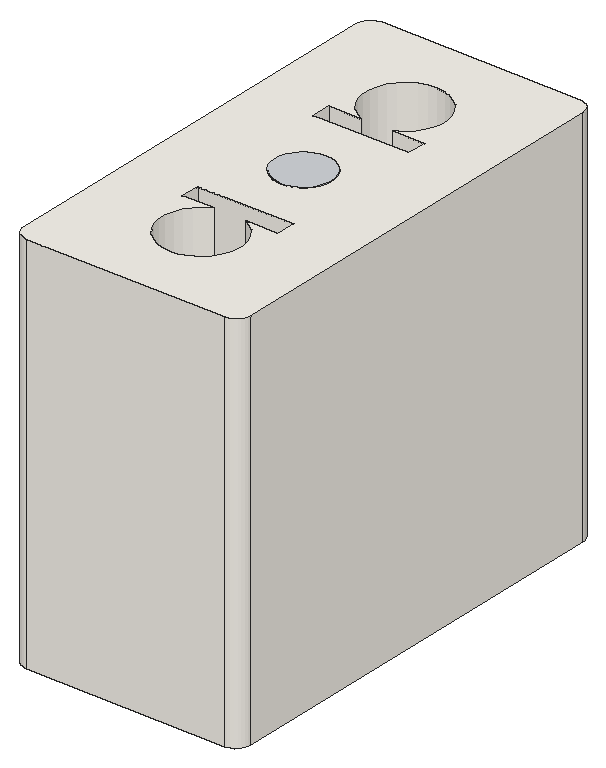
Revit family "Domotics-DomesticRanges-GEWISS-CHORUS_POWER-SOCKET-OUTLET_EURUSA", category Apparecchi elettrici, host Superficie, Revit 2016
Family settings
  Host = Superficie
  Mantenere orientamento annotazione = Sì
  Tipo di parte = Normale
  Quota connettore circolare = Usa diametro
  Taglio con vuoti quando caricato = Sì
  Condiviso = Sì
  Punto di calcolo locali = Sì
Parameters (values of type "GW14288 - Socket outlet 1M 2P+E 15A usa st titanium")
  Wiring terminals = "With screw"
  Voltage: = "250/125V AC"
  Voltage = "250/125V AC"
  Volt = 230 V
  Vista in pianta [instance] = yes
  Version file RFA = "19.0"
  URL = "https://www.gewiss.com/ww/en"
  Tipo = Chorus Prese EuroUsa_GENERICO : GW14288 Presa 2P+T standard Euroamericano titanio
  Thermo-pressure with ball = "125 °C"
  Terminal tightening capacity rigid cables (mm2) = "min. 0,5 - max. 2x2,5"
  Terminal tightening capacity flexible cables (mm2) = "min. 0,75 - max. 2x4"
  Terminal grip on cable traction = "> 50 N"
  Technical sheet = "https://www.gewiss.com/ww/en/search?q=GW14288"
  TXT ELETTRICO = "15"
  Standard; = "IEC 60884-1"
  Standard: = "Euro-American"
  Standard = "USA"
  Simbolo [instance] = yes
  SEO = "Socket outlet"
  Resistance at test voltage = "2000 V at 50 Hz for 1 minute"
  Realized by GEWISS S.p.A. = ""
  Default Elevation = 1219.2 mm
  Prolonged operation (no.of position changes) = "10.000 at In 250 V ac cosØ=0,8"
  Produttore = "GEWISS S.p.A."
  Offset presa [instance] = 0 mm
  Offset bidimensionale [instance] = 2 mm  # constant formula
  No. Chorus modules: = "1"
  No. Chorus modules = "1"
  N. poli = 1
  Modello = "GW14288"
  Insulation resistance = "> 5 MOhm"
  Immagine tipo = GW14288.jpg
  IFC.TypeObject = ""
  IFC.ExportType = ""
  IFC.ExportAs = ""
  IDT = "613f9da3-ec27-4742-84bd-e3589e01972c"
  IDF = "fd8d0965-b28c-4179-a336-df09c3b4294f"
  Glow Wire Test = "850°C"
  For plug pins = "Ø 4 mm Flat"
  Electrocod = "0131"
  EAN code = "8011564439443"
  Distanza_x [instance] = 0 mm
  Distanza_effettiva_x [instance] = 1000 mm - Distanza_x  # 1000 mm
  Descrizione = "SOCKET 1M 2P+E 15A USA ST TITANIUM"
  Description: = "2P+E - 15A"
  Description. = "Socket-outlet"
  Colour = "Titanium"
  Category = "Socket-outlet"
  Catalogue Range = "CHORUS - DOMESTIC RANGE"
  Catalogue = "DOMOTICS"
  Carico apparente = 0 VA
  COBie.Tagnumber = ""
  COBie.CreatedOn = ""
  COBie.CreatebBy = ""
  COBie.ComponentRegisterItemID = ""
  COBie.Component.TagNumber = ""
  COBie.Component.Space = ""
  COBie.Component.SerialNumber = ""
  COBie.Component.InstallationDate = ""
  COBie.Component.Description = ""
  COBie.Component.BarCode = ""
  Breaking capacity: = "1.25 In (100 position changes)"
Types (6, lengths in mm): name | Tipo | Technical sheet | Modello | Immagine tipo | IDT | EAN code | Descrizione | Description: | Colour
  GW10287 - Socket outlet 1M 2P 15A eu/usa white | Chorus Prese EuroUsa_GENERICO : GW10287 Presa 1M 2P 15A standard Euroamericano bianco | "https://www.gewiss.com/ww/en/search?q=GW10287" | "GW10287" | GW10287.jpg | "7e9225fd-ba43-4212-8959-92bff921ff59" | "8011564258266" | "S. OUTLET 1M 2P 15A EU/USA WHITE" | "2P - 15A" | "White"
  GW10288 - Socket outlet 1M 2P+E 15A usa white | Chorus Prese EuroUsa_GENERICO : GW10288 Presa 2P+T 15A standard Euroamericano bianco | "https://www.gewiss.com/ww/en/search?q=GW10288" | "GW10288" | GW10288.jpg | "e6c22be6-dfc3-42d2-afee-5f894e3ffe1a" | "8011564439429" | "S. OUTLET 1M 2P+E 15A USA WHITE" | "2P+E - 15A" | "White"
  GW12287 - Socket outlet 1M 2P 15A eu/usa st black | Chorus Prese EuroUsa_GENERICO : GW12287 Presa 1M 2P 15A standard Euroamericano nero | "https://www.gewiss.com/ww/en/search?q=GW12287" | "GW12287" | GW12287.jpg | "535df181-b7cc-4bee-bd69-c644d7890f08" | "8011564267183" | "SOCKET 1M 2P 15A EU/USA ST BLACK" | "2P - 15A" | "Black"
  GW12288 - Socket outlet 1M 2P+E 15A usa st black | Chorus Prese EuroUsa_GENERICO : GW12288 Presa 2P+T standard Euroamericano nero | "https://www.gewiss.com/ww/en/search?q=GW12288" | "GW12288" | GW12288.jpg | "53dbbc87-5bc3-4bc3-a491-55ac95154db6" | "8011564439436" | "SOCKET 1M 2P+E 15A USA ST BLACK" | "2P+E - 15A" | "Black"
  GW14287 - Socket outlet 1M 2P 15A eu/usa st titanium | Chorus Prese EuroUsa_GENERICO : GW14287 Presa 1M 2P 15A standard Euroamericano titanio | "https://www.gewiss.com/ww/en/search?q=GW14287" | "GW14287" | GW14287.jpg | "94307854-c2e2-4e28-b1b8-9d6981ddc7fa" | "8011564266421" | "SOCKET 1M 2P 15A EU/USA ST TITANIUM" | "2P - 15A" | "Titanium"
  GW14288 - Socket outlet 1M 2P+E 15A usa st titanium | Chorus Prese EuroUsa_GENERICO : GW14288 Presa 2P+T standard Euroamericano titanio | "https://www.gewiss.com/ww/en/search?q=GW14288" | "GW14288" | GW14288.jpg | "613f9da3-ec27-4742-84bd-e3589e01972c" | "8011564439443" | "SOCKET 1M 2P+E 15A USA ST TITANIUM" | "2P+E - 15A" | "Titanium"
Reference planes
  plane 1 "Centro (Fronte/Retro)": y = 0
  plane 2: z = 0
  plane 3 "Centro (Sinistra/Destra)": x = 0
  plane 4: x = -1000
  plane 5: x = 0
  plane 6: z = 0
  plane 7: z = 41
  plane 8: z = 39
Lines and regions (mm)
  Masking region 1, visible <- "Vista in pianta"
    outline origin (0, 0, 0) x (0, 1, 0) y (0, 0, 1)
      loop
        line (22.5, 0) -> (22.5, 39) -> (-22.5, 39) -> (-22.5, 0) -> (22.5, 0)
  Masking region 2, visible <- "Vista in pianta"
    outline origin (0, 0, 0) x (1, 0, 0) y (0, 0, 1)
      loop
        line (11.5, 0) -> (11.5, 39) -> (-11.5, 39) -> (-11.5, 0) -> (11.5, 0)
Dimensions and locks
  plane 4 to plane 3 "Centro (Sinistra/Destra)" = 1000 mm
  "Distanza_effettiva_x": plane 4 to plane 5
  "Offset presa": plane 6 to host face
  locked: plane 8 to plane 6 at 39
  "Offset bidimensionale": plane 7 to plane 8
  aligned and locked: plane 2 to host face
  aligned and locked: level to host face
  aligned and locked: plane 5 to nested 1
  aligned and locked: plane 3 "Centro (Sinistra/Destra)" to nested 2
  aligned and locked: plane 1 "Centro (Fronte/Retro)" to nested 2
  aligned and locked: nested 2 to plane 6
  aligned and locked: nested 2 to plane 8
  aligned and locked: plane 7 to import instance
  aligned and locked: plane 8 to Masking region 1 sketch curve
  aligned and locked: plane 6 to Masking region 1 sketch curve
  aligned and locked: plane 8 to Masking region 2 sketch curve
  aligned and locked: plane 6 to Masking region 2 sketch curve
Automatic sketch dimensions
  host sketch curve to host sketch curve = 2438.4 mm  (x2)
  plane 1 "Centro (Fronte/Retro)" to Masking region 1 sketch curve = 22.5 mm
  Masking region 1 sketch curve to plane 1 "Centro (Fronte/Retro)" = 22.5 mm
  Masking region 2 sketch curve to plane 3 "Centro (Sinistra/Destra)" = 11.5 mm
  plane 3 "Centro (Sinistra/Destra)" to Masking region 2 sketch curve = 11.5 mm
Nested families
  nested 1: "SIMBOLO PRESE" at (0, 100, 0), TESTO ELETTRICO <- "TXT ELETTRICO", SIMBOLO <- "Simbolo", visible <- "Simbolo", type "PRESA"
    with TESTO ELETTRICO "15", SIMBOLO yes, Distanza dal muro 4.208 mm, BORDO ACCESO yes
  nested 2: "Chorus Prese EuroUsa_GENERICO" at (0, 0, 0), type <- "Tipo", type "GW14288 Presa 2P+T standard Euroamericano titanio", detail levels medium+fine
Connectors
  electrical at (0, 0, 0), driven by "N. poli", driven by "Volt", driven by "Carico apparente"
    settings: on nested 2, index 1, voltage 230 V, apparent load 0 VA, apparent load phase1 0 VA, apparent load phase2 0 VA, apparent load phase3 0 VA, power factor 1, load classification "Altro", number of poles 1, system type 31, power factor state 1, is connector primary yes, connector utility no, sub classification motor no, connector description ""
Definition of nested family "Chorus Prese EuroUsa_GENERICO"
  Parameters (values of type "GW10287 Presa 1M 2P 15A standard Euroamericano bianco")
    gw88 = no
    Profondità presa = 20.107 mm
    Finitura Placca British = none
    Altezza da Terra = 750 mm
  Types (6, lengths in mm): name | gw88
    GW10287 Presa 1M 2P 15A standard Euroamericano bianco | no
    GW12287 Presa 1M 2P 15A standard Euroamericano nero | no
    GW12288 Presa 2P+T standard Euroamericano nero | yes
    GW10288 Presa 2P+T 15A standard Euroamericano bianco | yes
    GW14287 Presa 1M 2P 15A standard Euroamericano titanio | no
    GW14288 Presa 2P+T standard Euroamericano titanio | yes
  Reference planes
    plane 1 "Centro (Fronte/Retro)": y = 0
    plane 2: z = 0
    plane 3 "Centro (Sinistra/Destra)": x = 0
    plane 4: x = -11.5
    plane 5: x = 11.5
    plane 6: z = 20.107
  Forms (mm)
    Extrusion 1, solid, material <- "Finitura Placca British"
      sketch origin (0, -772.5, 39) x (1, 0, 0) y (0, 1, 0)
        loop
          arc (-10, 795) -> (-11.061, 794.561) -> (-11.5, 793.5) r 1.5
          line (-11.5, 793.5) -> (-11.5, 751.5)
          arc (-11.5, 751.5) -> (-11.061, 750.439) -> (-10, 750) r 1.5
          line (-10, 750) -> (10, 750)
          arc (10, 750) -> (11.061, 750.439) -> (11.5, 751.5) r 1.5
          line (11.5, 751.5) -> (11.5, 793.5)
          arc (11.5, 793.5) -> (11.061, 794.561) -> (10, 795) r 1.5
          line (10, 795) -> (-10, 795)
      from 0 to -39
    Extrusion 2, void
      sketch origin (0, -772.5, 39) x (1, 0, 0) y (0, 1, 0)
        loop
          arc (1.632, 781.793) -> (0, 789.438) -> (-1.632, 781.793) r 3.997
          line (-1.632, 781.793) -> (-4.853, 781.793) -> (-4.853, 779.827) -> (4.853, 779.827) -> (4.853, 781.793) -> (1.632, 781.793)
        loop
          line (4.853, 765.173) -> (-4.853, 765.173) -> (-4.853, 763.207) -> (-1.632, 763.207)
          arc (-1.632, 763.207) -> (0, 755.562) -> (1.632, 763.207) r 3.997
          line (1.632, 763.207) -> (4.853, 763.207) -> (4.853, 765.173)
      from 0 to -10
    Extrusion 3, solid, visible <- "gw88"
      sketch origin (0, 0, 0) x (1, 0, 0) y (0, 1, 0)
        loop
          circle (0, 0) r 2.866
      from 37.565 to 39
  Cuts and joins
    Extrusion 2 cuts Extrusion 1
  Dimensions and locks
    "Profondità presa": plane 6 to level
    aligned and locked: level to plane 2
    aligned and locked: Extrusion 1 to level
    aligned and locked: cut or joined group of Extrusion 1, Extrusion 2 to Extrusion 3
  Automatic sketch dimensions
    Extrusion 1 sketch curve to plane 4 = 0 mm
    Extrusion 1 sketch curve to plane 5 = 0 mm
    plane 4 to Extrusion 1 sketch curve = 1.5 mm  (x2)
    Extrusion 1 sketch curve to plane 5 = 1.5 mm  (x2)
    plane 1 "Centro (Fronte/Retro)" to Extrusion 1 sketch curve = 22.5 mm
    Extrusion 1 sketch curve to plane 1 "Centro (Fronte/Retro)" = 21 mm
    Extrusion 2 sketch curve to plane 3 "Centro (Sinistra/Destra)" = 0 mm
    Extrusion 2 sketch curve to plane 1 "Centro (Fronte/Retro)" = 12.942 mm
    Extrusion 2 sketch curve to plane 3 "Centro (Sinistra/Destra)" = 1.632 mm  (x2)
    plane 3 "Centro (Sinistra/Destra)" to Extrusion 2 sketch curve = 1.632 mm  (x2)
    Extrusion 2 sketch curve to Extrusion 2 sketch curve = 3.648 mm  (x2)
    Extrusion 2 sketch curve to Extrusion 2 sketch curve = 3.221 mm  (x2)
    Extrusion 2 sketch curve to Extrusion 2 sketch curve = 1.966 mm  (x3)
    Extrusion 2 sketch curve to plane 3 "Centro (Sinistra/Destra)" = 4.853 mm
    plane 1 "Centro (Fronte/Retro)" to Extrusion 2 sketch curve = 7.327 mm
    plane 3 "Centro (Sinistra/Destra)" to Extrusion 2 sketch curve = 4.853 mm
    plane 1 "Centro (Fronte/Retro)" to Extrusion 3 sketch curve = 0 mm
    Extrusion 3 sketch curve to plane 3 "Centro (Sinistra/Destra)" = 0 mm
    radius of Extrusion 3 sketch curve = 2.866 mm
Definition of nested family "SIMBOLO PRESE"
  Parameters (values of type "PRESA")
    TESTO ELETTRICO [instance] = "TXT"
    Simbolo = SIMBOLO PRESE_BASE : PRESA
    SIMBOLO [instance] = yes
    Distanza dal muro [instance] = 4.208 mm
    BORDO ACCESO [instance] = yes
  Reference planes
    plane 1: y = 0
    plane 2: x = 0
  Dimensions and locks
    aligned and locked: plane 1 to nested 1
    aligned and locked: plane 2 to nested 1
  Nested families
    nested 1: "SIMBOLO PRESE_BASE" at (0, 0, 0), type <- "Simbolo", TESTO ELETTRICO <- "TESTO ELETTRICO", BORDO ACCESO <- "BORDO ACCESO", visible <- "SIMBOLO", type "PRESA"
      with TESTO ELETTRICO "TXT", BORDO ACCESO yes
  Definition of nested family "SIMBOLO PRESE_BASE"
    Parameters (values of type "PRESA")
      TESTO ELETTRICO [instance] = "TXT"
      Distanza dal muro = 4.208 mm
      BORDO ACCESO [instance] = yes
    Reference planes
      plane 1: y = 0
      plane 2: x = 0
    Lines and regions (mm)
      detail lines, visible <- "BORDO ACCESO", not visible
        curve 1: line (-1.743, 9.208, 0) -> (2.057, 9.208, 0)
        curve 2: line (2.057, 9.208, 0) -> (2.057, 4.208, 0)
        curve 3: line (2.057, 4.208, 0) -> (-1.743, 4.208, 0)
        curve 4: line (-1.743, 4.208, 0) -> (-1.743, 9.208, 0)
        curve 5: line (-1.543, 9.008, 0) -> (1.857, 9.008, 0)
        curve 6: line (1.857, 9.008, 0) -> (1.857, 4.408, 0)
        curve 7: line (1.857, 4.408, 0) -> (-1.543, 4.408, 0)
        curve 8: line (-1.543, 4.408, 0) -> (-1.543, 9.008, 0)
      detail lines
        curve 9: line (0.783, 1.133, 0) -> (-0.783, 1.133, 0)
        curve 10: line (0, 1.133, 0) -> (0, 0.349, 0)
        curve 11: arc (-0.783, 1.916, 0) -> (0, 1.133, 0) -> (0.783, 1.916, 0) r 0.783
    Text (mm)
      label "TXT" at (0.016, 1.578, 0), shows "TESTO ELETTRICO"
